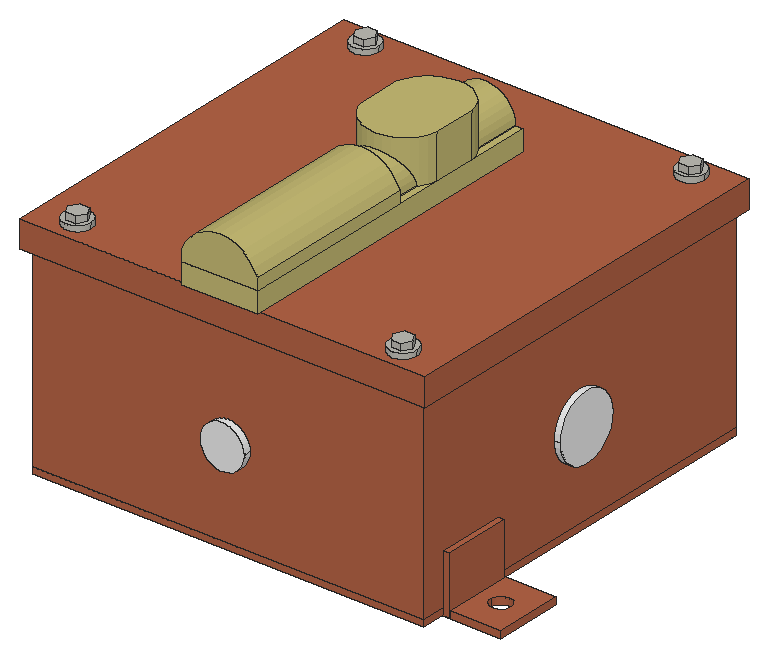
Revit family "Discharge Pressure Switch-JCI_Sapphire_Plus-(70bar)Novec1230", category Specialty Equipment, Revit 2017
Family settings
  Round Connector Dimension = Use Diameter
  Part Type = Normal
  OmniClass Number = 23.29.33.13.11
  Work Plane-Based = Yes
  Always vertical = No
  Cut with Voids When Loaded = No
  Shared = No
  Room Calculation Point = No
Parameters
  Width [instance] = 114.0 mm  # constant formula
  Weight = 2.20 lbf  # constant formula
  Washer Radius = 4.0 mm
  Use Annotation Scale [instance] = 0
  URL = "https://www.ansul.com/en/us/Literatures/Private/SAPPHIRE%20Suppression%20Systems/PN570590.pdf"
  Thickness = 2.0 mm
  Switch Width = 114.0 mm
  Switch Height = 114.0 mm
  Switch Depth = 67.0 mm
  Product Page URL = "http://www.sapphireplus.com/"
  Product Material = "JCI-Metal-Brass-Satin ; JCI-Plastic-Red"  # constant formula
  Product Documentation Link = "http://www.sapphireplus.com/"
  Plunger Material = JCI-Metal-Brass-Satin
  Pipe Diameter = 12.7 mm
  Part Number [instance] = "305.209.009"  # constant formula
  Part Description [instance] = "Discharge Pressure Switch"  # constant formula
  Operating Temperature = 122 °F  # constant formula
  Mouting Hole Dia = 4.0 mm
  Mounting Bracket Vertical Offset = 15.0 mm
  Mounting Bracket Offset = 5.0 mm
  Mounting Bracket = 20.0 mm
  Model Disclaimer = "For More Information JOHNSON CONTROLS"  # constant formula
  Model = "305.209.009"  # constant formula
  Manufacturer = "Johnson Controls, Inc."  # constant formula
  Length = 47.6 mm
  Left Side Conduit Cutout = 28.0 mm
  Height [instance] = 114.0 mm  # constant formula
  Fire Suppression Agent = "3M™ Novec™ 1230 Fire Protection Fluid"  # constant formula
  Family Version = "1.0"  # constant formula
  Face Plate Fixing Screw Upper & Bottom = 105.0 mm
  Face Plate Fixing Screw = 95.0 mm
  Equipment Number [instance] = "XXX"
  Equipment Abbreviation = "DPS"  # constant formula
  Discharge Flow [instance] = 0 GPM
  Diameter [instance] = 0.0 mm  # constant formula
  Description = "Manual Actuator"  # constant formula
  Depth = 67.0 mm
  Default Elevation = 0.0 mm
  Date Modified = "YYYY/MM/DD"  # constant formula
  Date Created = "2018/08/24"  # constant formula
  Cover Material = JCI-Plastic-Red
  Copyright © = "Copyright © 2001-2018 Johnson Controls Inc."  # constant formula
  Conduit Diameter 3/4" = 19.05 mm
  Conduit Diameter 1/2" = 12.7 mm
  Conduit Cutout = 6.35 mm
Reference planes
  plane 1 "Center (Front/Back)": y = 0
  plane 2: z = 0
  plane 3 "Center (Left/Right)": x = 0
  plane 4 "Pressure Switch Left": x = -57
  plane 5 "Pressure Switch Right": x = 57
  plane 6 "Pressure Switch Bottom": y = -57
  plane 7 "Pressure Switch Upper": y = 57
  plane 8 "Pressure Switch Depth": z = 67
  plane 9 "Switch Thickness": z = 2
  plane 10 "Switch Box Inner Right": x = 55
  plane 11 "Switch Box Inner Bottom": y = -55
  plane 12 "Switch Box Inner Left": x = -55
  plane 13: y = 55
  plane 14 "Face Plate Left": x = -59
  plane 15 "Face Plate Right": x = 59
  plane 16 "Face Plate Upper": y = 59
  plane 17 "Face Plate Bottom": y = -59
  plane 18: z = 59
  plane 19: z = 65
  plane 20 "Back Box Top Mounting Base Bottom": y = 30
  plane 21 "Back Box Bottom Mounting Base Upper": y = -30
  plane 22 "Switch Box Inner Upper": y = 55
  plane 23 "Back Box Top Mounting Base Upper": y = 50
  plane 24 "Back Box Bottom Mounting Base Bottom": y = -50
  plane 25 "Back Box Top Mounting Left": x = -74
  plane 26 "Back Box Bottom Mounting Right": x = 74
  plane 27 "Back Box Mounting Base Left": x = -61
  plane 28 "Back Box Mounting Base Right": x = 61
  plane 29: z = 17
  plane 30 "Mounting Bracket Hole Left": x = -66
  plane 31 "Mounting Bracket Hole Right": x = 66
  plane 32 "Mounting Bracket Hole Upper": y = 40
  plane 33 "Mounting Bracket Hole Bottom": y = -40
  plane 34: z = 28
  plane 35 "Face Plate Screw Left": x = -47.5
  plane 36 "Face Plate Screw Right": x = 47.5
  plane 37 "Face Plate Screw Upper": y = 52.5
  plane 38 "Face Plate Screw Bottom": y = -52.5
  plane 39 "Washer Ref": z = 68.495
  plane 40: z = 70.495
  plane 41 "Reset Plunger Left": x = -11
  plane 42 "Reset Plunger Right": x = 11
  plane 43 "Reset Plunger Upper": y = 36.858
  plane 44 "Reset Plunger Bottom": y = -60
  plane 45 "Reset Plunger Base Ref": z = 72.995
  plane 46 "Plunger Top Ref": z = 85.786
  plane 47: z = 80.628
  plane 48 "Reset Plunger Upper Base": y = -8.124
  plane 49 "Reset Plunger Switch Bottom": y = 33.138
Forms (mm)
  Extrusion 1, solid, material "JCI-Plastic-Red"
    sketch origin (0, 0, 0) x (1, 0, 0) y (0, 1, 0)
      loop
        line (-57, 57) -> (-57, -57) -> (57, -57) -> (57, 57) -> (-57, 57)
    from 0 to 2
  Extrusion 2, solid, material "JCI-Plastic-Red"
    sketch origin (0, 0, 0) x (1, 0, 0) y (0, 1, 0)
      loop
        line (-57, 57) -> (-57, -57) -> (57, -57) -> (57, 57) -> (-57, 57)
      loop
        line (-55, 55) -> (-55, -55) -> (55, -55) -> (55, 55) -> (-55, 55)
    from 0 to 65
  Extrusion 3, solid, material "JCI-Plastic-Red"
    sketch origin (0, 0, 0) x (1, 0, 0) y (0, 1, 0)
      loop
        line (-59, 59) -> (-59, -59) -> (59, -59) -> (59, 59) -> (-59, 59)
    from 59 to 67
  Extrusion 4, solid, material "JCI-Plastic-Red"
    sketch origin (0, 0, 0) x (1, 0, 0) y (0, 1, 0)
      loop
        line (-59, 50) -> (-59, 30) -> (-57, 30) -> (-57, 50) -> (-59, 50)
      loop
        line (57, -30) -> (57, -50) -> (59, -50) -> (59, -30) -> (57, -30)
    from 0 to 17
  Extrusion 5, solid, material "JCI-Plastic-Red"
    sketch origin (0, 0, 0) x (1, 0, 0) y (0, 1, 0)
      loop
        line (-74, 50) -> (-74, 30) -> (-57, 30) -> (-57, 50) -> (-74, 50)
      loop
        line (57, -30) -> (57, -50) -> (74, -50) -> (74, -30) -> (57, -30)
    from 0 to 2
  Extrusion 6, void
    sketch origin (0, 0, 0) x (1, 0, 0) y (0, 1, 0)
      loop
        circle (-66, 40) r 3
      loop
        circle (66, -40) r 3
    from -1 to 3
  Extrusion 7, solid, material "Screw"
    sketch origin (0, 0, 0) x (1, 0, 0) y (0, 1, 0)
      loop
        circle (-47.5, 52.5) r 4
      loop
        circle (47.5, 52.5) r 4
      loop
        circle (-47.5, -52.5) r 4
      loop
        circle (47.5, -52.5) r 4
    from 67 to 68.495
  Extrusion 8, solid, material "Screw"
    sketch origin (0, 0, 0) x (1, 0, 0) y (0, 1, 0)
      loop
        line (-48.943, 55) -> (-50.387, 52.5) -> (-48.943, 50) -> (-46.057, 50) -> (-44.613, 52.5) -> (-46.057, 55) -> (-48.943, 55)
      loop
        line (46.057, 55) -> (44.613, 52.5) -> (46.057, 50) -> (48.943, 50) -> (50.387, 52.5) -> (48.943, 55) -> (46.057, 55)
      loop
        line (46.057, -50) -> (44.613, -52.5) -> (46.057, -55) -> (48.943, -55) -> (50.387, -52.5) -> (48.943, -50) -> (46.057, -50)
      loop
        line (-48.943, -50) -> (-50.387, -52.5) -> (-48.943, -55) -> (-46.057, -55) -> (-44.613, -52.5) -> (-46.057, -50) -> (-48.943, -50)
    from 68.495 to 70.495
  Extrusion 9, solid, material "Brass"
    sketch origin (0, 0, 0) x (1, 0, 0) y (0, 1, 0)
      loop
        line (-11, 36.858) -> (-11, -60) -> (11, -60) -> (11, 36.858) -> (-11, 36.858)
    from 67 to 72.995
  Extrusion 10, solid, material "Brass"
    sketch origin (0, 13.125, 0) x (1, 0, 0) y (0, 1, 0)
      loop
        line (-11, 5.139) -> (-11, -7.639)
        arc (-11, -7.639) -> (0, -16.611) -> (11, -7.639) r 11.229
        line (11, -7.639) -> (11, 5.139)
        arc (11, 5.139) -> (0, 14.111) -> (-11, 5.139) r 11.229
    from 72.995 to 85.786
  Extrusion 11, solid, material "Brass"
    sketch origin (0, 0, 0) x (1, 0, 0) y (0, 0, 1)
      loop
        line (-11, 76.433) -> (-11, 72.995) -> (11, 72.995) -> (11, 76.433)
        arc (11, 76.433) -> (0, 84.066) -> (-11, 76.433) r 11.743
    from 8.124 to 60
  Extrusion 12, solid, material "Brass"
    sketch origin (0, 0, 0) x (1, 0, 0) y (0, 0, 1)
      loop
        circle (0, 72.995) r 8.716
    from -36.858 to 8.124
  Extrusion 13, solid, material "Steel"
    sketch origin (0, 0, 0) x (1, 0, 0) y (0, 0, 1)
      loop
        circle (0, 77.858) r 2.95
    from -36.858 to -33.138
  Extrusion 14, solid, material "Conduit"
    sketch origin (0, 0, 0) x (0, 1, 0) y (0, 0, 1)
      loop
        circle (0, 28) r 9.525
    from -59 to -57
  Extrusion 15, solid, material "Conduit"
    sketch origin (0, 0, 0) x (1, 0, 0) y (0, 0, 1)
      loop
        circle (0, 28) r 6.35
    from -59 to -57
  Extrusion 16, solid, material "Conduit"
    sketch origin (0, 0, 0) x (0, 1, 0) y (0, 0, 1)
      loop
        circle (0, 28) r 9.525
    from 57 to 59
  Extrusion 17, solid, material "Conduit"
    sketch origin (0, 0, 0) x (1, 0, 0) y (0, 0, 1)
      loop
        circle (0, 28) r 6.4
    from 57 to 59
Cuts and joins
  Extrusion 6 cuts Extrusion 5
Dimensions and locks
  equal spacing: plane 4 "Pressure Switch Left", plane 3 "Center (Left/Right)", plane 5 "Pressure Switch Right", locked at 57 each
  equal spacing: plane 7 "Pressure Switch Upper", plane 1 "Center (Front/Back)", plane 6 "Pressure Switch Bottom", locked at 57 each
  "Thickness": plane 9 "Switch Thickness" to level
  "Thickness": plane 4 "Pressure Switch Left" to plane 12 "Switch Box Inner Left"
  "Thickness": plane 10 "Switch Box Inner Right" to plane 5 "Pressure Switch Right"
  "Thickness": plane 7 "Pressure Switch Upper" to plane 13
  "Thickness": plane 11 "Switch Box Inner Bottom" to plane 6 "Pressure Switch Bottom"
  "Thickness": plane 14 "Face Plate Left" to plane 4 "Pressure Switch Left"
  "Thickness": plane 5 "Pressure Switch Right" to plane 15 "Face Plate Right"
  "Thickness": plane 16 "Face Plate Upper" to plane 7 "Pressure Switch Upper"
  "Thickness": plane 6 "Pressure Switch Bottom" to plane 17 "Face Plate Bottom"
  locked: plane 8 "Pressure Switch Depth" to plane 18 at 8
  "Thickness": plane 8 "Pressure Switch Depth" to plane 19
  "Mounting Bracket": plane 23 "Back Box Top Mounting Base Upper" to plane 20 "Back Box Top Mounting Base Bottom"
  "Mounting Bracket": plane 24 "Back Box Bottom Mounting Base Bottom" to plane 21 "Back Box Bottom Mounting Base Upper"
  "Mounting Bracket Offset": plane 22 "Switch Box Inner Upper" to plane 23 "Back Box Top Mounting Base Upper"
  "Mounting Bracket Offset": plane 24 "Back Box Bottom Mounting Base Bottom" to plane 11 "Switch Box Inner Bottom"
  "Mounting Bracket Vertical Offset": plane 25 "Back Box Top Mounting Left" to Extrusion 3
  "Mounting Bracket Vertical Offset": Extrusion 3 to plane 26 "Back Box Bottom Mounting Right"
  "Left Side Conduit Cutout": plane 34 to level
  equal spacing: plane 35 "Face Plate Screw Left", plane 3 "Center (Left/Right)", plane 36 "Face Plate Screw Right"
  "Face Plate Fixing Screw": plane 35 "Face Plate Screw Left" to plane 36 "Face Plate Screw Right"
  equal spacing: plane 37 "Face Plate Screw Upper", plane 1 "Center (Front/Back)", plane 38 "Face Plate Screw Bottom"
  "Face Plate Fixing Screw Upper & Bottom": plane 37 "Face Plate Screw Upper" to plane 38 "Face Plate Screw Bottom"
  "Height": plane 7 "Pressure Switch Upper" to plane 6 "Pressure Switch Bottom"
  "Width": plane 4 "Pressure Switch Left" to plane 5 "Pressure Switch Right"
  "Depth": Extrusion 3 to Extrusion 2
  locked: Extrusion 9 to Extrusion 9 at 22
  "Washer Radius": radius of Extrusion 7 sketch curve  (x4)
  "Conduit Diameter 1/2"": diameter of Extrusion 15 sketch curve
  "Conduit Diameter 3/4"": diameter of Extrusion 14 sketch curve
  aligned and locked: level to plane 2
  aligned and locked: Extrusion 1 sketch curve to plane 7 "Pressure Switch Upper"
  aligned and locked: plane 4 "Pressure Switch Left" to Extrusion 1 sketch curve
  aligned and locked: plane 6 "Pressure Switch Bottom" to Extrusion 1 sketch curve
  aligned and locked: Extrusion 1 sketch curve to plane 5 "Pressure Switch Right"
  aligned and locked: plane 9 "Switch Thickness" to Extrusion 1
  aligned and locked: Extrusion 2 sketch curve to Extrusion 1  (x4)
  aligned and locked: Extrusion 2 sketch curve to plane 13
  aligned and locked: plane 12 "Switch Box Inner Left" to Extrusion 2 sketch curve
  aligned and locked: plane 11 "Switch Box Inner Bottom" to Extrusion 2 sketch curve
  aligned and locked: Extrusion 2 sketch curve to plane 10 "Switch Box Inner Right"
  aligned and locked: plane 16 "Face Plate Upper" to Extrusion 3 sketch curve
  aligned and locked: plane 14 "Face Plate Left" to Extrusion 3 sketch curve
  aligned and locked: plane 17 "Face Plate Bottom" to Extrusion 3 sketch curve
  aligned and locked: Extrusion 3 sketch curve to plane 15 "Face Plate Right"
  aligned and locked: plane 8 "Pressure Switch Depth" to Extrusion 3
  aligned and locked: Extrusion 3 to plane 18
  aligned and locked: plane 19 to Extrusion 2
  aligned and locked: plane 29 to Extrusion 4
  aligned and locked: Extrusion 4 sketch curve to plane 23 "Back Box Top Mounting Base Upper"
  aligned and locked: plane 14 "Face Plate Left" to Extrusion 4 sketch curve
  aligned and locked: plane 20 "Back Box Top Mounting Base Bottom" to Extrusion 4 sketch curve
  aligned and locked: Extrusion 4 sketch curve to plane 4 "Pressure Switch Left"
  aligned and locked: plane 21 "Back Box Bottom Mounting Base Upper" to Extrusion 4 sketch curve
  aligned and locked: plane 5 "Pressure Switch Right" to Extrusion 4 sketch curve
  aligned and locked: plane 24 "Back Box Bottom Mounting Base Bottom" to Extrusion 4 sketch curve
  aligned and locked: Extrusion 4 sketch curve to plane 15 "Face Plate Right"
  aligned and locked: Extrusion 5 sketch curve to plane 23 "Back Box Top Mounting Base Upper"
  aligned and locked: plane 25 "Back Box Top Mounting Left" to Extrusion 5 sketch curve
  aligned and locked: plane 20 "Back Box Top Mounting Base Bottom" to Extrusion 5 sketch curve
  aligned and locked: Extrusion 5 sketch curve to plane 4 "Pressure Switch Left"
  aligned and locked: plane 21 "Back Box Bottom Mounting Base Upper" to Extrusion 5 sketch curve
  aligned and locked: plane 5 "Pressure Switch Right" to Extrusion 5 sketch curve
  aligned and locked: plane 24 "Back Box Bottom Mounting Base Bottom" to Extrusion 5 sketch curve
  aligned and locked: plane 26 "Back Box Bottom Mounting Right" to Extrusion 5 sketch curve
  aligned and locked: plane 9 "Switch Thickness" to Extrusion 5
  aligned and locked: Extrusion 7 to plane 8 "Pressure Switch Depth"
  aligned and locked: plane 39 "Washer Ref" to Extrusion 7
  aligned and locked: plane 40 to Extrusion 8
  aligned and locked: Extrusion 8 to Extrusion 7
  aligned and locked: Extrusion 9 sketch curve to plane 43 "Reset Plunger Upper"
  aligned and locked: plane 41 "Reset Plunger Left" to Extrusion 9 sketch curve
  aligned and locked: plane 44 "Reset Plunger Bottom" to Extrusion 9 sketch curve
  aligned and locked: plane 42 "Reset Plunger Right" to Extrusion 9 sketch curve
  aligned and locked: Extrusion 9 to plane 8 "Pressure Switch Depth"
  aligned and locked: plane 45 "Reset Plunger Base Ref" to Extrusion 9
  aligned and locked: plane 46 "Plunger Top Ref" to Extrusion 10
  aligned and locked: Extrusion 10 to Extrusion 9
  aligned and locked: Extrusion 11 to plane 44 "Reset Plunger Bottom"
  aligned and locked: plane 43 "Reset Plunger Upper" to Extrusion 12
  aligned and locked: plane 48 "Reset Plunger Upper Base" to Extrusion 11
  aligned and locked: plane 43 "Reset Plunger Upper" to Extrusion 13
  aligned and locked: plane 4 "Pressure Switch Left" to Extrusion 14
  aligned and locked: Extrusion 14 to plane 14 "Face Plate Left"
  aligned and locked: plane 15 "Face Plate Right" to Extrusion 16
  aligned and locked: Extrusion 16 to plane 5 "Pressure Switch Right"
  aligned and locked: Extrusion 15 to plane 16 "Face Plate Upper"
  aligned and locked: Extrusion 15 to plane 7 "Pressure Switch Upper"
  aligned and locked: Extrusion 17 to plane 17 "Face Plate Bottom"
  aligned and locked: Extrusion 2 to level
  aligned and locked: Extrusion 1 to plane 4 "Pressure Switch Left"
  aligned and locked: plane 5 "Pressure Switch Right" to Extrusion 1
  aligned and locked: Extrusion 12 to Extrusion 11
Automatic sketch dimensions
  Extrusion 6 sketch curve to plane 30 "Mounting Bracket Hole Left" = 0.0 mm
  Extrusion 6 sketch curve to plane 31 "Mounting Bracket Hole Right" = 0.0 mm
  plane 33 "Mounting Bracket Hole Bottom" to Extrusion 6 sketch curve = 0.0 mm
  Extrusion 6 sketch curve to plane 32 "Mounting Bracket Hole Upper" = 0.0 mm
  Extrusion 10 sketch curve to plane 41 "Reset Plunger Left" = 0.0 mm
  Extrusion 10 sketch curve to plane 3 "Center (Left/Right)" = 0.0 mm  (x2)
  Extrusion 10 sketch curve to plane 42 "Reset Plunger Right" = 0.0 mm
  Extrusion 10 sketch curve to plane 1 "Center (Front/Back)" = 5.486 mm
  Extrusion 10 sketch curve to plane 1 "Center (Front/Back)" = 16.007 mm
  Extrusion 11 sketch curve to plane 41 "Reset Plunger Left" = 0.0 mm
  Extrusion 11 sketch curve to plane 3 "Center (Left/Right)" = 0.0 mm
  plane 42 "Reset Plunger Right" to Extrusion 11 sketch curve = 0.0 mm
  Extrusion 11 sketch curve to plane 45 "Reset Plunger Base Ref" = 0.0 mm
  Extrusion 11 sketch curve to plane 45 "Reset Plunger Base Ref" = 0.672 mm
  Extrusion 11 sketch curve to Extrusion 11 sketch curve = 3.437 mm
  Extrusion 12 sketch curve to plane 3 "Center (Left/Right)" = 0.0 mm
  Extrusion 12 sketch curve to plane 45 "Reset Plunger Base Ref" = 0.0 mm
  Extrusion 13 sketch curve to plane 3 "Center (Left/Right)" = 0.0 mm
  Extrusion 13 sketch curve to plane 47 = 2.77 mm
  Extrusion 16 sketch curve to plane 1 "Center (Front/Back)" = 0.0 mm
  Extrusion 16 sketch curve to plane 34 = 0.0 mm
  Extrusion 17 sketch curve to plane 3 "Center (Left/Right)" = 0.0 mm
  Extrusion 17 sketch curve to plane 34 = 0.0 mm
  Extrusion 10 sketch curve to plane 1 "Center (Front/Back)" = 7.743 mm
  Extrusion 10 sketch curve to Extrusion 10 sketch curve = 2.257 mm
  Extrusion 7 sketch curve to plane 35 "Face Plate Screw Left" = 0.0 mm  (x2)
  Extrusion 7 sketch curve to plane 36 "Face Plate Screw Right" = 0.0 mm  (x2)
  plane 38 "Face Plate Screw Bottom" to Extrusion 7 sketch curve = 0.0 mm  (x2)
  Extrusion 7 sketch curve to plane 37 "Face Plate Screw Upper" = 0.0 mm  (x2)
  Extrusion 14 sketch curve to plane 1 "Center (Front/Back)" = 0.0 mm
  Extrusion 14 sketch curve to plane 34 = 0.0 mm
  Extrusion 15 sketch curve to plane 3 "Center (Left/Right)" = 0.0 mm
  Extrusion 15 sketch curve to plane 34 = 0.0 mm
  radius of Extrusion 6 sketch curve = 3.0 mm  (x2)
  radius of Extrusion 12 sketch curve = 8.716 mm
  radius of Extrusion 13 sketch curve = 2.95 mm
  radius of Extrusion 16 sketch curve = 9.525 mm
  radius of Extrusion 17 sketch curve = 6.4 mm
Connectors
  cabletrayconduit at (0, 59, 28), diameter 12.7, driven by "Conduit Diameter 1/2""
    settings: on Extrusion 15, index 1, connector width 300.0 mm, connector height 300.0 mm, connector angle 0.00°, system type 32, placement type 0, profile type 0, connector reference index -1, is primary connector yes, connector utility param no, connector description ""
  cabletrayconduit at (0, -59, 28), diameter 12.7, driven by "Conduit Diameter 1/2""
    settings: on Extrusion 17, index 2, connector width 300.0 mm, connector height 300.0 mm, connector angle 0.00°, system type 32, placement type 0, profile type 0, connector reference index -1, is primary connector no, connector utility param no, connector description ""
  cabletrayconduit at (-59, 0, 28), diameter 19.05, driven by "Conduit Diameter 3/4""
    settings: on Extrusion 14, index 3, connector width 300.0 mm, connector height 300.0 mm, connector angle 0.00°, system type 32, placement type 0, profile type 0, connector reference index -1, is primary connector no, connector utility param no, connector description ""
  cabletrayconduit at (59, 0, 28), diameter 19.05, driven by "Conduit Diameter 3/4""
    settings: on Extrusion 16, index 4, connector width 300.0 mm, connector height 300.0 mm, connector angle 0.00°, system type 32, placement type 0, profile type 0, connector reference index -1, is primary connector no, connector utility param no, connector description ""
